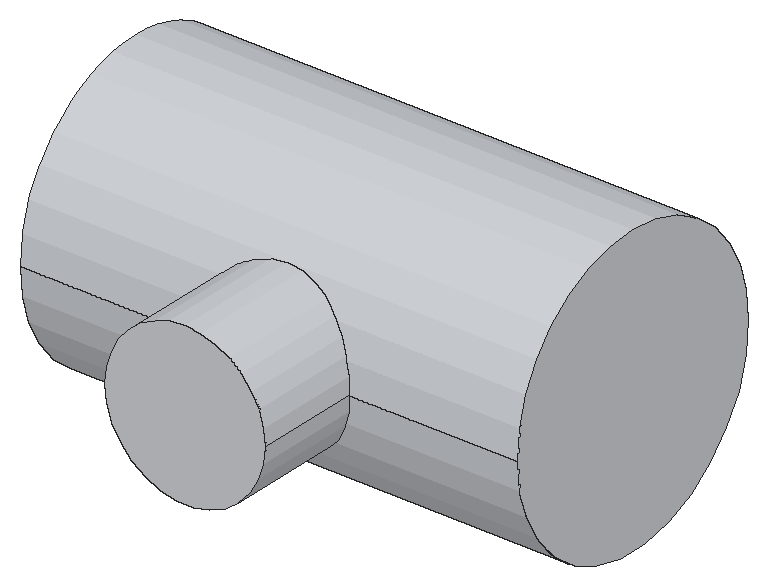
Revit family "Tê de ramificação reduzida - Passagem - PPR", category Conexões de tubo, Revit 2019
Family settings
  Cota do conector redondo = Usar raio
  Tipo de parte = Tê
  Com base no plano de trabalho = Não
  Sempre na vertical = Sim
  Corte com vazios quando carregada = Não
  Compartilhado = Não
Parameters (values of type "Padrão")
  Tamanho da marca de revisão [instance] = Diâmetro externo da conexão * 0.4  # 14.4 mm
  Raio nominal 2 [instance] = 10 mm
  Raio nominal 1 [instance] = 12.5 mm
  Diâmetro nominal 2 [instance] = Raio nominal 2 * 2  # 20 mm
  Diâmetro nominal 1 [instance] = Raio nominal 1 * 2  # 25 mm
  Raio externo máximo da conexão [instance] = if(Raio externo da conexão > Raio externo da ramificação, Raio externo da conexão, Raio externo da ramificação)  # 18 mm
  Método de perda = Coeficiente K da tabela
  Nome da tabela de pesquisa = "BR_Tee Branch Reduced - Slip - PPR"
  Centro pra a legenda da extremidade [instance] = if(Centro para a extremidade * tan(Ângulo 1 / 2) > Raio externo máximo da conexão, Centro para a extremidade, Raio externo máximo da conexão / tan(Ângulo 1 / 2))  # 31 mm
  Tabela de coeficiente K = "Tê"
  Raio externo da conexão [instance] = Diâmetro externo da conexão / 2  # 18 mm
  Diâmetro externo da conexão [instance] = size_lookup(Nome da tabela de pesquisa, "FOD", 1.3 * Diâmetro nominal 1 + 2.7 mm, Diâmetro nominal 1)  # 36 mm
  Centro para a extremidade [instance] = size_lookup(Nome da tabela de pesquisa, "CtE", 0.76 * Diâmetro nominal 1 + 12.7 mm, Diâmetro nominal 1)  # 31 mm
  Centro para a ramificação [instance] = size_lookup(Nome da tabela de pesquisa, "CtB", 0.76 * Diâmetro nominal 1 + 12.7 mm, Diâmetro nominal 1)  # 31 mm
  Raio externo da ramificação [instance] = Diâmetro externo da ramificação / 2  # 10 mm
  Diâmetro externo da ramificação [instance] = size_lookup(Nome da tabela de pesquisa, "BOD", Diâmetro nominal 2, Diâmetro nominal 1, Diâmetro nominal 2)  # 20 mm
  Ângulo 1 [instance] = if(Ângulo > 90.00°, 180.00° - Ângulo, Ângulo)  # 90.00°
  Ângulo [instance] = 90.00°
Reference planes
  plane 1 "Centro (frente/trás)": y = 0
  plane 2: z = 0
  plane 3 "Centro (direita/esquerda)": x = 0
  plane 4: x = -31
  plane 5: x = 31
  plane 6: y = 14.4
  plane 7: y = -14.4
Forms (mm)
  Sweep 1, solid, detail levels fine
    path in 3D
      loop
        line (-31, 0, 0) -> (31, 0, 0)
    profile origin (0, 0, 0) x (0, 1, 0) y (0, 0, 1)
      loop
        circle (0, 0) r 18
  Sweep 2, solid, detail levels fine
    path in 3D
      loop
        line (0, 0, 0) -> (0, -31, 0)
    profile origin (0, -15.5, 0) x (1, 0, 0) y (0, 0, 1)
      loop
        circle (0, 0) r 10
Cuts and joins
  joined: Sweep 1, Sweep 2
Lines and regions (mm)
  model lines, detail levels coarse+medium
    curve 1: line (-31, 0, 0) -> (31, 0, 0)
    curve 2: line (0, 0, 0) -> (0, -31, 0)
    curve 3: line (-31, 14.4, 0) -> (-31, -14.4, 0)
    curve 4: line (31, 14.4, 0) -> (31, -14.4, 0)
    curve 5: line (0, -31, 0) -> (14.4, -31, 0)
    curve 6: line (0, -31, 0) -> (-14.4, -31, 0)
  sketch lines
    curve 7: line (-31, 0, 0) -> (31, 0, 0)
    curve 8: line (0, 0, 0) -> (0, -31, 0)
Dimensions and locks
  "Centro pra a legenda da extremidade": plane 4 to plane 3 "Centro (direita/esquerda)"
  equal spacing: plane 4, plane 3 "Centro (direita/esquerda)", plane 5
  "Centro pra a legenda da extremidade": curve 2 to curve 2
  "Tamanho da marca de revisão": plane 6 to plane 1 "Centro (frente/trás)"
  "Tamanho da marca de revisão": plane 7 to plane 1 "Centro (frente/trás)"
  "Tamanho da marca de revisão": curve 6 to curve 6
  "Tamanho da marca de revisão": curve 5 to curve 5
  "Raio externo da conexão": radius of Sweep 1 sketch curve
  "Raio externo da ramificação": radius of Sweep 2 sketch curve
  "Ângulo": angle curve 2 to plane 1 "Centro (frente/trás)"
  "Ângulo": angle curve 5 to plane 3 "Centro (direita/esquerda)"
  "Ângulo": angle curve 6 to plane 3 "Centro (direita/esquerda)"
  aligned and locked: plane 4 to curve 1
  aligned and locked: plane 5 to curve 1
  aligned and locked: plane 1 "Centro (frente/trás)" to curve 1
  aligned and locked: plane 3 "Centro (direita/esquerda)" to curve 2
  aligned and locked: plane 1 "Centro (frente/trás)" to curve 2
  aligned and locked: plane 6 to curve 3
  aligned and locked: plane 7 to curve 3
  aligned and locked: curve 3 to plane 4
  aligned and locked: plane 6 to curve 4
  aligned and locked: plane 7 to curve 4
  aligned and locked: plane 5 to curve 4
Automatic sketch dimensions
  Sweep 1 sketch curve to profile plane = 0 mm  (x2)
  Sweep 2 sketch curve to profile plane = 0 mm  (x2)
Connectors
  piping at (-31, 0, 0), diameter 25, driven by "Raio nominal 1"
    settings: on cut or joined group of Sweep 1, Sweep 2, index 1, connector inside diameter 25 mm, connector length 0 mm, flow factor 0, pipe flow 0.0 L/s, pressure drop 0.0 Pa, fitting loss kfactor 0, connector angle 0.00°, fixture units 0, engagement length 0 mm, angle of deflection 0.00°, flow configuration 0, flow direction 0, fitting loss method 0, system type 28, joint type 0, gender type 0, connector reference index 2, connector utility 0, adjustable connector no, is connector primary yes, connector description ""
  piping at (31, 0, 0), diameter 25, driven by "Raio nominal 1"
    settings: on cut or joined group of Sweep 1, Sweep 2, index 2, connector inside diameter 25 mm, connector length 0 mm, flow factor 0, pipe flow 0.0 L/s, pressure drop 0.0 Pa, fitting loss kfactor 0, connector angle 0.00°, fixture units 0, engagement length 0 mm, angle of deflection 0.00°, flow configuration 0, flow direction 0, fitting loss method 0, system type 28, joint type 0, gender type 0, connector reference index 1, connector utility 0, adjustable connector no, is connector primary no, connector description ""
  piping at (0, -31, 0), diameter 20, driven by "Raio nominal 2", driven by "Ângulo"
    settings: on cut or joined group of Sweep 1, Sweep 2, index 3, connector inside diameter 20 mm, connector length 0 mm, flow factor 0, pipe flow 0.0 L/s, pressure drop 0.0 Pa, fitting loss kfactor 0, connector angle 90.00°, fixture units 0, engagement length 0 mm, angle of deflection 0.00°, flow configuration 0, flow direction 0, fitting loss method 0, system type 28, joint type 0, gender type 0, connector reference index -1, connector utility 0, adjustable connector no, is connector primary no, connector description ""
